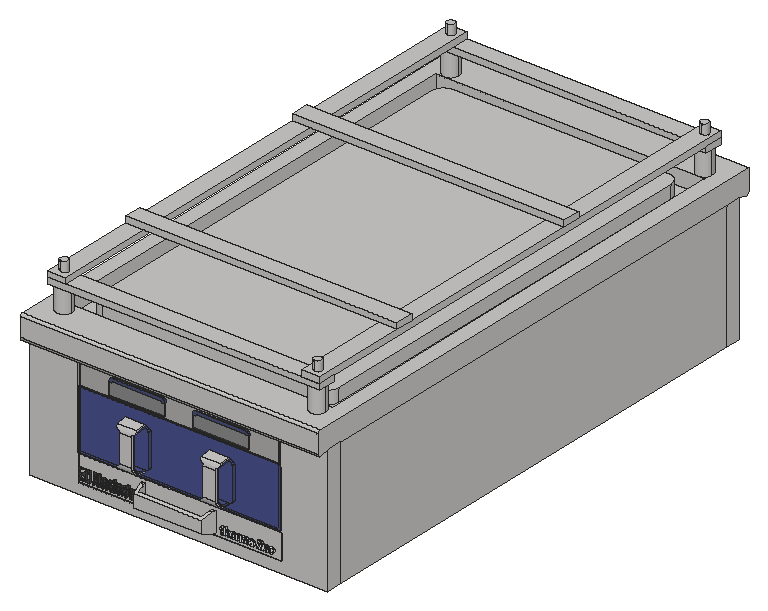
Revit family "QF_ELECTROLUXPROFESSIONAL_589868_MCLBAAEODM", category Specialty Equipment, Revit 2014 (continued)
Definition of nested family "QF_ELECTROLUXPROFESSIONAL_MARINE500x900_1"
  Lines and regions (mm)
    symbolic lines
      curve 10: line (477.5, -677.5, 940) -> (22.5, -677.5, 940)
      curve 11: line (22.5, -357.5, 940) -> (477.5, -357.5, 940)
      curve 12: line (477.5, -327.5, 940) -> (22.5, -327.5, 940)
      curve 13: line (52.5, -30, 940) -> (52.5, -327.5, 940)
      curve 14: line (52.5, -357.5, 940) -> (52.5, -677.5, 940)
      curve 15: line (52.5, -707.5, 940) -> (52.5, -870, 940)
      curve 16: line (52.5, -840, 940) -> (447.5, -840, 940)
      curve 17: line (447.5, -30, 940) -> (447.5, -327.5, 940)
      curve 18: line (447.5, -357.5, 940) -> (447.5, -677.5, 940)
      curve 19: line (447.5, -707.5, 940) -> (447.5, -870, 940)
      curve 20: line (52.5, -60, 940) -> (447.5, -60, 940)
      curve 21: circle (37.5, -45, 940) r 6.5 normal (0, 0, -1)
      curve 22: circle (462.5, -45, 940) r 6.5 normal (0, 0, -1)
      curve 23: circle (37.5, -855, 940) r 6.5 normal (0, 0, 1)
      curve 24: circle (462.5, -855, 940) r 6.5 normal (0, 0, 1)
  Dimensions and locks
    plane 3 "LEFT" to plane 4 "RIGHT" = 500 mm
    locked: plane 5 "FRONT" to plane 1 "BACK" at 900
    equal spacing: plane 3 "LEFT", plane 7 "Center (Left/Right)", plane 4 "RIGHT"
    equal spacing: plane 5 "FRONT", plane 8, plane 1 "BACK"
    plane 6 "TOP" to level = 900 mm  (x2)
    plane 1 "BACK" to plane 9 = 150 mm
    locked: plane 14 "EIx" to plane 4 "RIGHT" at 45
    locked: plane 15 "EIy" to plane 1 "BACK" at 685
    plane 16 to plane 6 "TOP" = 38 mm
    plane 12 to plane 1 "BACK" = 80 mm
    plane 5 "FRONT" to plane 13 = 80 mm
    plane 3 "LEFT" to plane 10 = 80 mm
    plane 11 to plane 4 "RIGHT" = 80 mm
    locked: plane 6 "TOP" to plane 17 "BaseTop" at 250
    locked: plane 18 to plane 5 "FRONT" at 45
    plane 19 to plane 6 "TOP" = 75 mm
    aligned and locked: level to plane 2
  Automatic sketch dimensions
    plane 1 "BACK" to curve 1 = 0 mm
    curve 1 to plane 4 "RIGHT" = 0 mm
    curve 3 to plane 3 "LEFT" = 0 mm
    plane 5 "FRONT" to curve 3 = 0 mm
    Extrusion 1 sketch curve to plane 18 = 0 mm  (x2)
    Extrusion 1 sketch curve to plane 18 = 15 mm
    plane 18 to Extrusion 1 sketch curve = 15 mm
    Extrusion 1 sketch curve to plane 12 = 20 mm
    Extrusion 1 sketch curve to Extrusion 1 sketch curve = 15 mm  (x7)
    Extrusion 1 sketch curve to plane 14 "EIx" = 7.5 mm  (x2)
    plane 3 "LEFT" to Extrusion 1 sketch curve = 37.5 mm  (x2)
    Extrusion 2 sketch curve to plane 18 = 0 mm  (x2)
    plane 14 "EIx" to Extrusion 2 sketch curve = 7.5 mm
    Extrusion 2 sketch curve to plane 18 = 15 mm  (x2)
    Extrusion 2 sketch curve to plane 12 = 35 mm  (x2)
    Extrusion 2 sketch curve to plane 14 "EIx" = 7.5 mm  (x2)
    Extrusion 2 sketch curve to Extrusion 2 sketch curve = 15 mm  (x6)
    plane 10 to Extrusion 2 sketch curve = 27.5 mm
    Extrusion 4 sketch curve to plane 18 = 0 mm  (x2)
    Extrusion 4 sketch curve to plane 14 "EIx" = 7.5 mm  (x2)
    plane 3 "LEFT" to Extrusion 4 sketch curve = 37.5 mm  (x2)
    Extrusion 4 sketch curve to plane 12 = 35 mm  (x2)
    Extrusion 5 sketch curve to plane 18 = 0 mm  (x2)
    Extrusion 5 sketch curve to plane 14 "EIx" = 7.5 mm  (x2)
    Extrusion 5 sketch curve to plane 12 = 35 mm  (x2)
    plane 3 "LEFT" to Extrusion 5 sketch curve = 37.5 mm  (x2)
    Extrusion 3 sketch curve to plane 15 "EIy" = 22.5 mm
    plane 15 "EIy" to Extrusion 3 sketch curve = 7.5 mm
    plane 3 "LEFT" to Extrusion 3 sketch curve = 22.5 mm  (x2)
    plane 8 to Extrusion 3 sketch curve = 92.5 mm
    Extrusion 3 sketch curve to Extrusion 3 sketch curve = 30 mm
    plane 4 "RIGHT" to Extrusion 3 sketch curve = 22.5 mm  (x2)
    plane 14 "EIx" to curve 19 = 7.5 mm
    curve 19 to plane 18 = 15 mm
    curve 15 to plane 18 = 15 mm
    plane 18 to curve 16 = 15 mm
    curve 19 to plane 15 "EIy" = 22.5 mm
    plane 15 "EIy" to curve 18 = 7.5 mm
    plane 14 "EIx" to curve 18 = 7.5 mm
    plane 8 to curve 18 = 92.5 mm
    plane 14 "EIx" to curve 17 = 7.5 mm
    curve 18 to curve 17 = 30 mm
    curve 20 to plane 12 = 20 mm
    plane 1 "BACK" to curve 17 = 30 mm
    plane 1 "BACK" to curve 13 = 30 mm
    plane 4 "RIGHT" to curve 12 = 22.5 mm
    plane 4 "RIGHT" to curve 11 = 22.5 mm
    plane 4 "RIGHT" to curve 10 = 22.5 mm
    plane 4 "RIGHT" to curve 9 = 22.5 mm
    plane 10 to curve 15 = 27.5 mm
    plane 10 to curve 14 = 27.5 mm
    plane 10 to curve 13 = 27.5 mm
    plane 3 "LEFT" to curve 11 = 22.5 mm
    plane 3 "LEFT" to curve 10 = 22.5 mm
    plane 3 "LEFT" to curve 9 = 22.5 mm
    plane 3 "LEFT" to curve 12 = 22.5 mm
    radius of Extrusion 1 sketch curve = 6.5 mm  (x4)
    radius of Extrusion 2 sketch curve = 6.5 mm  (x4)
    radius of Extrusion 4 sketch curve = 13 mm  (x4)
    radius of Extrusion 5 sketch curve = 6.5 mm  (x4)
